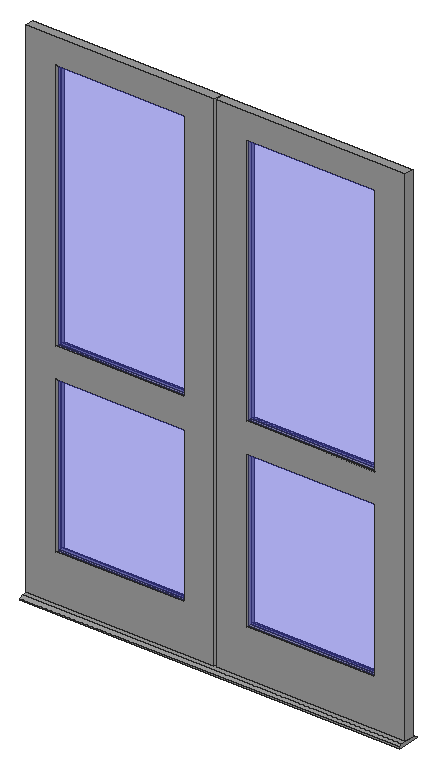
Revit family "WS-500 DOOR-Double-VIP-1-SF_v04", category Curtain Panels, Revit 2015
Parameters
  Width [instance] = 6' - 2"
  VIP1 Panic Devices [instance] = no
  URL = "obe.com"
  Rough Width [instance] = 6' - 0"
  Offset [instance] = 0' - 0"
  Model = "WS-500 - 1\" DOOR\r\nWS-500 - 1\" Door Infill"
  Min Panel Width [instance] = if(Rough Width > 5' 11 255/256", Rough Width, 6' 0")  # 6' - 0"
  Manufacturer = "Oldcastle BuildingEnvelope®"
  Keynote = "08 11 00"
  Hinge [instance] = yes
  Height [instance] = 8' - 0"
  Pushbar Height [instance] = 3' - 5 1/4"  # constant formula
  Glass Material = Glass
  Frame Material = Aluminum
  Door Panel Height [instance] = Height + 0' 0 17/32"  # 8' - 0 17/32"
  Description = "WS-500 - 1\" Door Infill"
  Assembly Code = "B2030\r\nB2030\r\n"
  Analytic Construction = "<None>"
  8 Bottom Rail [instance] = yes
Reference planes (in)
  plane 1 "Front": y = 0
  plane 2: z = 0
  plane 3 "Center (Left/Right)": x = 0
  plane 4 "Left": x = -37
  plane 5 "Right": x = 37
  plane 6 "Top": z = 96
  plane 7: x = -36
  plane 8: x = 36
Text (in)
  text "Exterior" at (-54.29358, 31.38743, 0), in view "Ref. Level"
  text "Exterior" at (480, 41.53993, 89.60405), in view "Right"
  text "Exterior" at (-240, 57.82419, 105.78864), in view "Left"
Dimensions and locks (in)
  equal spacing: plane 4 "Left", plane 3 "Center (Left/Right)", plane 5 "Right"
  "Width": plane 4 "Left" to plane 5 "Right"
  "Height": plane 6 "Top" to plane 2
  equal spacing: plane 7, plane 3 "Center (Left/Right)", plane 8
  "Min Panel Width": plane 7 to plane 8
  aligned and locked: level to plane 2
  aligned and locked: plane 3 "Center (Left/Right)" to nested 1
  aligned and locked: plane 1 "Front" to nested 1
Nested families (in)
  nested 1: "WS-500 DOOR-Double-VIP-1-Panel_v03" at (0, -16, 0), VIP1 Panic Devices <- "VIP1 Panic Devices", Hinge <- "Hinge", 8 Bottom Rail <- "8 Bottom Rail", Height <- "Door Panel Height", Width <- "Min Panel Width", Glass Material <- "Glass Material", Frame Material <- "Frame Material", Offset <- "Offset", type "WS-500 DOOR-Double-VIP-1-Panel_v03"
    with Wing Width 3' - 0", built-in parameter 1001301 6' - 0", VIP1 Panic Devices no, Pushbar Height 3' - 5 1/4", Offset 0' - 0", Hinge yes, built-in parameter 1001300 8' - 0 17/32", Glass at Muntin 0' - 4 15/16", Glass Material Glass, Frame Material Aluminum, Bottom Rail 0' - 9 5/32", 8 Bottom Rail yes, 10 Bottom Rail no
Definition of nested family "WS-500 DOOR-Double-VIP-1-Panel_v03"
  Parameters (values of type "WS-500 DOOR-Double-VIP-1-Panel_v03")
    Wing Width [instance] = Width / 2  # 3' - 0"
    Width [instance] = 6' - 0"
    VIP1 Panic Devices [instance] = no
    URL = "obe.com"
    Offset [instance] = 0' - 1"
    Model = "WS-500 DOOR"
    Manufacturer = "Oldcastle BuildingEnvelope®"
    Keynote = "08 11 00\r\n08 11 00"
    Hinge [instance] = yes
    Height [instance] = 8' - 0"
    Glass at Muntin [instance] = if(VIP1 Panic Devices, 0' 8 15/16", 0' 4 15/16")  # 0' - 4 15/16"
    Pushbar Height [instance] = 3' - 5 1/4"  # constant formula
    Glass Material [instance] = none
    Frame Material [instance] = none
    Description = "WS-500 - 1\" Door Infill"
    Bottom Rail [instance] = if([8 Bottom Rail], 0' 9 5/32", 0' 11 5/32")  # 0' - 9 5/32"
    Assembly Code = "B2030"
    Analytic Construction = "<None>"
    8 Bottom Rail [instance] = yes
    10 Bottom Rail [instance] = not([8 Bottom Rail])  # no
  Reference planes (in)
    plane 1 "Center": y = 14.0625
    plane 2: z = 0
    plane 3 "Center (Left/Right)": x = 0
    plane 4: z = 96
    plane 5: x = 36
    plane 6: x = -36
    plane 7 "Center (Front/Back)": y = 16
    plane 8 "Exterior": y = 14.5625
    plane 9: z = 48
    plane 10: z = 38.78125
    plane 11: z = 43.71875
    plane 12: z = 91
    plane 13: z = 9.15625
    plane 14 "Offset": y = 15
    plane 15: z = 41.25
  Forms (in)
    Sweep 1, solid, material <- "Frame Material"
      path origin (0, 14.0625, 0) x (1, 0, 0) y (0, 0, 1)
        loop
          line (-35.56475, 96) -> (-0.22004, 96)
      profile origin (-17.8924, 14.0625, 96) x (0, 0, 1) y (0, -1, 0)
        loop
          line (-0.53125, -0.875) -> (-0.53125, 0.875) -> (-5.28125, 0.875) -> (-5.28125, 0.5) -> (-5, 0.5) -> (-5, -0.5) -> (-5.28125, -0.5) -> (-5.28125, -0.875) -> (-0.53125, -0.875)
    Sweep 2, solid, material <- "Frame Material"
      path origin (0, 14.0625, 0) x (1, 0, 0) y (0, 0, 1)
        loop
          line (-0.22004, 0) -> (-35.56475, 0)
      profile origin (-17.8924, 14.0625, 0) x (0, 0, -1) y (0, -1, 0)
        loop
          line (-5.4375, -0.875) -> (-0.6875, -0.875) -> (-0.6875, 0.875) -> (-5.4375, 0.875) -> (-9.4375, 0.875) -> (-9.4375, 0.5) -> (-9.15625, 0.5) -> (-9.15625, -0.5) -> (-9.4375, -0.5) -> (-9.4375, -0.875) -> (-5.4375, -0.875)
    Sweep 3, solid, material <- "Frame Material"
      path origin (0, 14.0625, 0) x (1, 0, 0) y (0, 0, 1)
        loop
          line (36, 95.46875) -> (36, 0.6875)
      profile origin (36, 14.0625, 48.07812) x (0, -1, 0) y (1, 0, 0)
        loop
          line (-0.875, -0.32625) -> (-0.875, -6.07625) -> (-0.5, -6.07625) -> (-0.5, -5.795) -> (0.5, -5.795) -> (0.5, -6.07625) -> (0.875, -6.07625) -> (0.875, -0.43525) -> (-0.875, -0.32625)
    Sweep 4, solid, material <- "Frame Material"
      path origin (0, 14.0625, 0) x (1, 0, 0) y (0, 0, 1)
        loop
          line (-36, 95.46875) -> (-36, 0.6875)
      profile origin (-36, 14.0625, 48.07812) x (0, -1, 0) y (1, 0, 0)
        loop
          line (-0.875, 0.32625) -> (0.875, 0.43525) -> (0.875, 6.07625) -> (0.5, 6.07625) -> (0.5, 5.795) -> (-0.5, 5.795) -> (-0.5, 6.07625) -> (-0.875, 6.07625) -> (-0.875, 0.32625)
    Sweep 5, solid, material <- "Frame Material"
      path origin (0, 14.0625, 0) x (1, 0, 0) y (0, 0, 1)
        loop
          line (-5.53125, 48) -> (-30.205, 48)
      profile origin (-17.86813, 14.0625, 48) x (0, 0, -1) y (0, -1, 0)
        loop
          line (9.5, -0.875) -> (9.5, -0.5) -> (9.21875, -0.5) -> (9.21875, 0.5) -> (9.5, 0.5) -> (9.5, 0.875) -> (4, 0.875) -> (4, 0.5) -> (4.28125, 0.5) -> (4.28125, -0.5) -> (4, -0.5) -> (4, -0.875) -> (9.5, -0.875)
    Sweep 6, solid, material <- "Frame Material"
      path origin (0, 14.0625, 0) x (1, 0, 0) y (0, 0, 1)
        loop
          line (0, 95.46875) -> (0, 0.6875)
      profile origin (0, 14.0625, 48.07812) x (0, -1, 0) y (1, 0, 0)
        loop
          line (-0.875, -0.22063) -> (-0.875, -5.8125) -> (-0.5, -5.8125) -> (-0.5, -5.53125) -> (0.5, -5.53125) -> (0.5, -5.8125) -> (0.875, -5.8125) -> (0.875, -0.22063)
          arc (0.875, -0.22063) -> (0, -0.0625) -> (-0.875, -0.22063) r 2.5
        loop
          line (0.875, 5.8125) -> (0.5, 5.8125) -> (0.5, 5.53125) -> (-0.5, 5.53125) -> (-0.5, 5.8125) -> (-0.875, 5.8125) -> (-0.875, 0.22063)
          arc (-0.875, 0.22063) -> (0, 0.0625) -> (0.875, 0.22063) r 2.5
          line (0.875, 0.22063) -> (0.875, 5.8125)
    Sweep 7, solid, material <- "Frame Material"
      path origin (0, 14.0625, 0) x (1, 0, 0) y (0, 0, 1)
        loop
          line (0.22004, 96) -> (35.56475, 96)
      profile origin (17.8924, 14.0625, 96) x (0, 0, 1) y (0, -1, 0)
        loop
          line (-0.53125, -0.875) -> (-0.53125, 0.875) -> (-5.28125, 0.875) -> (-5.28125, 0.5) -> (-5, 0.5) -> (-5, -0.5) -> (-5.28125, -0.5) -> (-5.28125, -0.875) -> (-0.53125, -0.875)
    Sweep 8, solid, material <- "Frame Material"
      path origin (0, 14.0625, 0) x (1, 0, 0) y (0, 0, 1)
        loop
          line (30.205, 48) -> (5.53125, 48)
      profile origin (17.86813, 14.0625, 48) x (0, 0, -1) y (0, -1, 0)
        loop
          line (9.5, -0.875) -> (9.5, -0.5) -> (9.21875, -0.5) -> (9.21875, 0.5) -> (9.5, 0.5) -> (9.5, 0.875) -> (4, 0.875) -> (4, 0.5) -> (4.28125, 0.5) -> (4.28125, -0.5) -> (4, -0.5) -> (4, -0.875) -> (9.5, -0.875)
    Sweep 9, solid, material <- "Frame Material"
      path origin (0, 14.0625, 0) x (1, 0, 0) y (0, 0, 1)
        loop
          line (35.56475, 0) -> (0.22004, 0)
      profile origin (17.8924, 14.0625, 0) x (0, 0, -1) y (0, -1, 0)
        loop
          line (-9.4375, -0.5) -> (-9.4375, -0.875) -> (-0.6875, -0.875) -> (-0.6875, 0.875) -> (-9.4375, 0.875) -> (-9.4375, 0.5) -> (-9.15625, 0.5) -> (-9.15625, -0.5) -> (-9.4375, -0.5)
    Extrusion 10, solid, material <- "Glass Material", detail levels coarse
      sketch origin (0, 0, 0) x (1, 0, 0) y (0, 1, 0)
        loop
          line (-30.205, 14.5625) -> (-30.205, 13.5625) -> (-5.53125, 13.5625) -> (-5.53125, 14.5625) -> (-30.205, 14.5625)
      from 9.15625 to 38.78125
    Extrusion 11, solid, material <- "Glass Material", detail levels coarse
      sketch origin (0, 0, 0) x (1, 0, 0) y (0, 1, 0)
        loop
          line (5.53125, 14.5625) -> (5.53125, 13.5625) -> (30.205, 13.5625) -> (30.205, 14.5625) -> (5.53125, 14.5625)
      from 9.15625 to 38.78125
    Extrusion 12, solid, material <- "Glass Material", detail levels coarse
      sketch origin (0, 0, 0) x (1, 0, 0) y (0, 1, 0)
        loop
          line (-5.53125, 14.5625) -> (-30.205, 14.5625) -> (-30.205, 13.5625) -> (-5.53125, 13.5625) -> (-5.53125, 14.5625)
      from 43.71875 to 91
    Extrusion 13, solid, material <- "Glass Material", detail levels coarse
      sketch origin (0, 0, 0) x (1, 0, 0) y (0, 1, 0)
        loop
          line (30.205, 14.5625) -> (5.53125, 14.5625) -> (5.53125, 13.5625) -> (30.205, 13.5625) -> (30.205, 14.5625)
      from 43.71875 to 91
    Extrusion 14, solid, material <- "Glass Material", detail levels medium+fine
      sketch origin (0, 0, 0) x (1, 0, 0) y (0, 1, 0)
        loop
          line (5.53125, 13.5625) -> (30.205, 13.5625) -> (30.205, 13.8105) -> (5.53125, 13.8105) -> (5.53125, 13.5625)
        loop
          line (30.205, 14.5625) -> (5.53125, 14.5625) -> (5.53125, 14.3145) -> (30.205, 14.3145) -> (30.205, 14.5625)
      from 9.15625 to 38.78125
    Extrusion 15, solid, material <- "Glass Material", detail levels medium+fine
      sketch origin (0, 0, 0) x (1, 0, 0) y (0, 1, 0)
        loop
          line (30.205, 13.5625) -> (30.205, 13.8105) -> (5.53125, 13.8105) -> (5.53125, 13.5625) -> (30.205, 13.5625)
        loop
          line (5.53125, 14.5625) -> (5.53125, 14.3145) -> (30.205, 14.3145) -> (30.205, 14.5625) -> (5.53125, 14.5625)
      from 43.71875 to 91
    Extrusion 16, solid, material <- "Glass Material", detail levels medium+fine
      sketch origin (0, 0, 0) x (1, 0, 0) y (0, 1, 0)
        loop
          line (-5.53125, 13.5625) -> (-5.53125, 13.8105) -> (-30.205, 13.8105) -> (-30.205, 13.5625) -> (-5.53125, 13.5625)
        loop
          line (-30.205, 14.5625) -> (-30.205, 14.3145) -> (-5.53125, 14.3145) -> (-5.53125, 14.5625) -> (-30.205, 14.5625)
      from 43.71875 to 91
    Extrusion 17, solid, material <- "Glass Material", detail levels medium+fine
      sketch origin (0, 0, 0) x (1, 0, 0) y (0, 1, 0)
        loop
          line (-30.205, 13.5625) -> (-5.53125, 13.5625) -> (-5.53125, 13.8105) -> (-30.205, 13.8105) -> (-30.205, 13.5625)
        loop
          line (-5.53125, 14.5625) -> (-30.205, 14.5625) -> (-30.205, 14.3145) -> (-5.53125, 14.3145) -> (-5.53125, 14.5625)
      from 9.15625 to 38.78125
    Sweep 18, solid, material <- "Frame Material"
      path origin (0, 15, 0) x (1, 0, 0) y (0, 0, 1)
        loop
          line (-35.56475, 0) -> (35.56475, 0)
      profile origin (0, 15, 0) x (0, 0, 1) y (0, -1, 0)
        loop
          line (0.5, 2.468) -> (0.19364, 3.125) -> (0, 3.125) -> (0, -0.875) -> (0.19364, -0.875) -> (0.5, -0.218) -> (0.5, 2.468)
  Cuts and joins
    joined: Sweep 1, Sweep 2, Sweep 3, Sweep 4, Sweep 5, Sweep 6, Sweep 7, Sweep 8, Sweep 9
  Lines and regions (in)
    model lines
      curve 1: line (5.53125, 14.5625, 91) -> (30.205, 14.5625, 48)
      curve 2: line (30.205, 14.5625, 48) -> (5.53125, 14.5625, 9.15625)
      curve 3: line (-5.53125, 14.5625, 91) -> (-30.205, 14.5625, 48)
      curve 4: line (-30.205, 14.5625, 48) -> (-5.53125, 14.5625, 9.15625)
  Dimensions and locks (in)
    "Height": plane 4 to level
    "Width": plane 6 to plane 5
    equal spacing: level, plane 9, plane 4
    locked: Sweep 2 sketch curve to plane 6 at 0.43525
    locked: plane 3 "Center (Left/Right)" to Sweep 2 sketch curve at 0.22004
    locked: Sweep 3 sketch curve to plane 4 at 0.53125
    locked: Sweep 4 sketch curve to plane 4 at 0.53125
    locked: Sweep 1 sketch curve to plane 6 at 0.43525
    locked: plane 3 "Center (Left/Right)" to Sweep 1 sketch curve at 0.22004
    locked: plane 3 "Center (Left/Right)" to Sweep 5 sketch curve at 5.53125
    locked: Sweep 5 sketch curve to plane 6 at 5.795
    locked: Sweep 7 sketch curve to plane 3 "Center (Left/Right)" at 0.22004
    locked: plane 5 to Sweep 7 sketch curve at 0.43525
    locked: plane 5 to Sweep 8 sketch curve at 5.795
    Sweep 8 sketch curve to plane 3 "Center (Left/Right)" = 0' - 5 17/32"
    locked: plane 5 to Sweep 9 sketch curve at 0.43525
    locked: Sweep 9 sketch curve to plane 3 "Center (Left/Right)" at 0.22004
    Extrusion 11 sketch curve to plane 1 "Center" to Extrusion 11 sketch curve = 0' - 0 1/2", 0' - 0 1/2"
    locked: Extrusion 11 sketch curve to plane 5 at 5.795
    plane 3 "Center (Left/Right)" to Extrusion 11 sketch curve = 0' - 5 17/32"
    Extrusion 10 sketch curve to plane 1 "Center" to Extrusion 10 sketch curve = 0' - 0 1/2" locked, 0' - 0 1/2" locked
    locked: plane 6 to Extrusion 10 sketch curve at 5.795
    locked: Extrusion 10 sketch curve to plane 3 "Center (Left/Right)" at 5.53125
    locked: plane 6 to Extrusion 12 sketch curve at 5.795
    locked: Extrusion 12 sketch curve to plane 3 "Center (Left/Right)" at 5.53125
    Extrusion 12 sketch curve to plane 1 "Center" to Extrusion 12 sketch curve = 0' - 0 1/2" locked, 0' - 0 1/2" locked
    Extrusion 13 sketch curve to plane 1 "Center" to Extrusion 13 sketch curve = 0' - 0 1/2" locked, 0' - 0 1/2" locked
    locked: Extrusion 13 sketch curve to plane 5 at 5.795
    locked: plane 3 "Center (Left/Right)" to Extrusion 13 sketch curve at 5.53125
    "Glass at Muntin": plane 10 to plane 11
    locked: plane 12 to plane 4 at 5
    locked: Sweep 8 sketch curve to plane 10 at 0.28125  (x2)
    locked: plane 11 to Sweep 8 sketch curve at 0.28125  (x2)
    locked: Extrusion 14 sketch curve to plane 5 at 5.795  (x2)
    locked: plane 3 "Center (Left/Right)" to Extrusion 14 sketch curve at 5.53125  (x2)
    Extrusion 14 sketch curve to Extrusion 14 sketch curve to plane 1 "Center" to Extrusion 14 sketch curve to Extrusion 14 sketch curve = 0' - 0.248" locked, 0' - 0.252" locked, 0' - 0.252" locked, 0' - 0.248" locked
    Extrusion 15 sketch curve to Extrusion 15 sketch curve to plane 1 "Center" to Extrusion 15 sketch curve to Extrusion 15 sketch curve = 0' - 0.248" locked, 0' - 0.252" locked, 0' - 0.252" locked, 0' - 0.248" locked
    locked: Extrusion 15 sketch curve to plane 5 at 5.795  (x2)
    locked: plane 3 "Center (Left/Right)" to Extrusion 15 sketch curve at 5.53125  (x2)
    locked: Sweep 5 sketch curve to plane 10 at 0.28125  (x2)
    locked: plane 11 to Sweep 5 sketch curve at 0.28125  (x2)
    locked: plane 6 to Extrusion 16 sketch curve at 5.795  (x2)
    locked: Extrusion 16 sketch curve to plane 3 "Center (Left/Right)" at 5.53125  (x2)
    Extrusion 17 sketch curve to Extrusion 17 sketch curve to plane 1 "Center" to Extrusion 17 sketch curve to Extrusion 17 sketch curve = 0' - 0.248" locked, 0' - 0.252" locked, 0' - 0.252" locked, 0' - 0.248" locked
    locked: plane 6 to Extrusion 17 sketch curve at 5.795  (x2)
    locked: Extrusion 17 sketch curve to plane 3 "Center (Left/Right)" at 5.53125  (x2)
    locked: plane 4 to Sweep 6 sketch curve at 0.53125
    locked: plane 13 to Sweep 9 sketch curve at 0.28125  (x2)
    "Bottom Rail": plane 2 to plane 13
    equal spacing: plane 6, plane 3 "Center (Left/Right)", plane 5
    locked: plane 13 to Sweep 2 sketch curve at 0.28125  (x2)
    plane 1 "Center" to plane 8 "Exterior" to plane 14 "Offset" = 0' - 0 1/2" locked, 0' - 0 7/16" locked
    "Offset": plane 14 "Offset" to plane 7 "Center (Front/Back)"
    equal spacing: plane 10, plane 15, plane 11
    "Pushbar Height": plane 2 to plane 15
    locked: plane 5 to Sweep 18 sketch curve at 0.43525
    locked: Sweep 18 sketch curve to plane 6 at 0.43525
    locked: Sweep 4 sketch curve to plane 2 at 0.6875
    locked: Sweep 6 sketch curve to plane 2 at 0.6875
    locked: Sweep 3 sketch curve to plane 2 at 0.6875
    Extrusion 16 sketch curve to Extrusion 16 sketch curve to Extrusion 16 sketch curve to Extrusion 16 sketch curve to plane 14 "Offset" = 0' - 0.248" locked, 0' - 0.504" locked, 0' - 0.248" locked, 0' - 0 7/16" locked
    aligned and locked: plane 2 to level
    aligned and locked: Sweep 1 sketch curve to plane 4
    aligned and locked: Sweep 2 sketch curve to level
    aligned and locked: plane 5 to Sweep 3 sketch curve
    aligned and locked: plane 6 to Sweep 4 sketch curve
    aligned and locked: Sweep 5 sketch curve to plane 9
    aligned and locked: plane 3 "Center (Left/Right)" to Sweep 6 sketch curve
    aligned and locked: Sweep 9 sketch curve to level
    aligned and locked: Sweep 8 sketch curve to plane 9
    aligned and locked: plane 4 to Sweep 7 sketch curve
    aligned and locked: Sweep 8 sketch curve to plane 11
    aligned and locked: plane 10 to Sweep 8 sketch curve
    aligned and locked: plane 10 to Extrusion 11
    aligned and locked: plane 10 to Extrusion 14
    aligned and locked: Extrusion 13 to plane 11
    aligned and locked: plane 12 to Extrusion 13
    aligned and locked: plane 12 to Extrusion 15
    aligned and locked: Extrusion 15 to plane 11
    aligned and locked: Sweep 5 sketch curve to plane 11
    aligned and locked: plane 10 to Sweep 5 sketch curve
    aligned and locked: Extrusion 12 to plane 11
    aligned and locked: Extrusion 16 to plane 11
    aligned and locked: plane 12 to Extrusion 12
    aligned and locked: plane 12 to Extrusion 16
    aligned and locked: Extrusion 17 to plane 10
    aligned and locked: Extrusion 10 to plane 10
    aligned and locked: cut or joined group of Sweep 1, Sweep 2, Sweep 3, Sweep 4, Sweep 5, Sweep 6, Sweep 7, Sweep 8, Sweep 9 to curve 2
    aligned and locked: cut or joined group of Sweep 1, Sweep 2, Sweep 3, Sweep 4, Sweep 5, Sweep 6, Sweep 7, Sweep 8, Sweep 9 to curve 1
    aligned and locked: cut or joined group of Sweep 1, Sweep 2, Sweep 3, Sweep 4, Sweep 5, Sweep 6, Sweep 7, Sweep 8, Sweep 9 to curve 3
    aligned and locked: cut or joined group of Sweep 1, Sweep 2, Sweep 3, Sweep 4, Sweep 5, Sweep 6, Sweep 7, Sweep 8, Sweep 9 to curve 4
    aligned and locked: plane 13 to Extrusion 11
    aligned and locked: plane 13 to Extrusion 14
    aligned and locked: plane 9 to curve 4
    aligned and locked: plane 9 to curve 2
    aligned and locked: Sweep 2 sketch curve to plane 13
    aligned and locked: plane 13 to Extrusion 10
    aligned and locked: plane 13 to Extrusion 17
    aligned and locked: Sweep 18 sketch curve to plane 2
  Automatic sketch dimensions
    Sweep 4 sketch curve to plane 1 "Center" = 0' - 0 7/8"
    Sweep 4 sketch curve to profile plane = 0' - 0.32625"
    plane 1 "Center" to Sweep 4 sketch curve = 0' - 0 7/8"
    Sweep 4 sketch curve to Sweep 4 sketch curve = 0' - 0.109"
    Sweep 4 sketch curve to Sweep 4 sketch curve = 0' - 5 3/4"
    Sweep 4 sketch curve to Sweep 4 sketch curve = 0' - 0"
    Sweep 4 sketch curve to Sweep 4 sketch curve = 0' - 0 3/8"  (x2)
    Sweep 4 sketch curve to Sweep 4 sketch curve = 0' - 0 9/32"
    plane 1 "Center" to Sweep 6 sketch curve = 0' - 0"
    profile plane to Sweep 6 sketch curve = 0' - 0.22063"  (x2)
    Sweep 6 sketch curve to Sweep 6 sketch curve = 0' - 2.34187"  (x2)
    Sweep 6 sketch curve to Sweep 6 sketch curve = 0' - 3 1/4"
    Sweep 6 sketch curve to Sweep 6 sketch curve = 0' - 0 3/8"  (x4)
    Sweep 6 sketch curve to Sweep 6 sketch curve = 0' - 0 9/32"  (x4)
    plane 1 "Center" to Sweep 6 sketch curve = 0' - 0 1/2"
    plane 1 "Center" to Sweep 6 sketch curve = 0' - 0 7/8"
    Sweep 6 sketch curve to profile plane = 0' - 5 13/16"
    Sweep 6 sketch curve to profile plane = 0' - 0.22063"  (x2)
    Sweep 6 sketch curve to plane 1 "Center" = 0' - 0 1/2"
    Sweep 3 sketch curve to plane 1 "Center" = 0' - 0 7/8"
    profile plane to Sweep 3 sketch curve = 0' - 0.43525"
    Sweep 3 sketch curve to Sweep 3 sketch curve = 0' - 0.109"
    Sweep 3 sketch curve to Sweep 3 sketch curve = 0' - 5 3/4"
    Sweep 3 sketch curve to Sweep 3 sketch curve = 0' - 0 3/8"  (x2)
    Sweep 3 sketch curve to Sweep 3 sketch curve = 0' - 0 9/32"  (x2)
    plane 1 "Center" to Sweep 3 sketch curve = 0' - 0 1/2"
    Sweep 8 sketch curve to plane 1 "Center" = 0' - 0 7/8"
    Sweep 8 sketch curve to Sweep 8 sketch curve = 0' - 0 3/8"  (x4)
    plane 1 "Center" to Sweep 8 sketch curve = 0' - 0 1/2"
    Sweep 9 sketch curve to Sweep 9 sketch curve = 0' - 0 3/8"  (x2)
    plane 1 "Center" to Sweep 9 sketch curve = 0' - 0 1/2"
    profile plane to Sweep 9 sketch curve = 0' - 0 11/16"
    profile plane to Sweep 1 sketch curve = 0' - 0 17/32"
    Sweep 1 sketch curve to plane 1 "Center" = 0' - 0 7/8"
    Sweep 1 sketch curve to Sweep 1 sketch curve = 0' - 4 3/4"
    plane 1 "Center" to Sweep 1 sketch curve = 0' - 0 7/8"
    Sweep 1 sketch curve to Sweep 1 sketch curve = 0' - 0"
    Sweep 1 sketch curve to Sweep 1 sketch curve = 0' - 0 3/8"  (x2)
    Sweep 1 sketch curve to Sweep 1 sketch curve = 0' - 0 9/32"
    plane 1 "Center" to Sweep 5 sketch curve = 0' - 0 7/8"
    Sweep 5 sketch curve to plane 1 "Center" = 0' - 0 1/2"
    Sweep 5 sketch curve to Sweep 5 sketch curve = 0' - 0 3/8"  (x4)
    profile plane to Sweep 7 sketch curve = 0' - 0 17/32"
    Sweep 7 sketch curve to plane 1 "Center" = 0' - 0 7/8"
    Sweep 7 sketch curve to Sweep 7 sketch curve = 0' - 4 3/4"
    plane 1 "Center" to Sweep 7 sketch curve = 0' - 0 7/8"
    Sweep 7 sketch curve to Sweep 7 sketch curve = 0' - 0"
    Sweep 7 sketch curve to Sweep 7 sketch curve = 0' - 0 3/8"  (x2)
    Sweep 7 sketch curve to Sweep 7 sketch curve = 0' - 0 9/32"
    plane 1 "Center" to Sweep 2 sketch curve = 0' - 0 7/8"
    plane 1 "Center" to Sweep 2 sketch curve = 0' - 0 1/2"
    Sweep 2 sketch curve to Sweep 2 sketch curve = 0' - 3 23/32"
    Sweep 2 sketch curve to plane 1 "Center" = 0' - 0 1/2"
    Sweep 2 sketch curve to Sweep 2 sketch curve = 0' - 0"
    Sweep 9 sketch curve to Sweep 9 sketch curve = 0' - 0 9/32"
    curve 2 to plane 13 = 0' - 0"
    curve 4 to plane 13 = 0' - 0"
    curve 3 to plane 12 = 0' - 0"
    curve 1 to plane 12 = 0' - 0"
    plane 6 to curve 3 = 0' - 5.795"
    curve 2 to plane 5 = 0' - 5.795"
    Sweep 2 sketch curve to plane 1 "Center" = 0' - 0 7/8"
    profile plane to Sweep 2 sketch curve = 0' - 0 11/16"
    Sweep 9 sketch curve to plane 1 "Center" = 0' - 0 7/8"
    Sweep 18 sketch curve to profile plane = 0' - 0.19364"  (x2)
    Sweep 18 sketch curve to plane 14 "Offset" = 0' - 0 7/8"
    Sweep 18 sketch curve to plane 14 "Offset" = 0' - 0.218"
    Sweep 18 sketch curve to Sweep 18 sketch curve = 0' - 2.686"
    Sweep 18 sketch curve to profile plane = 0' - 0"
    Sweep 18 sketch curve to profile plane = 0' - 0 1/2"
    Sweep 18 sketch curve to Sweep 18 sketch curve = 0' - 0.657"
